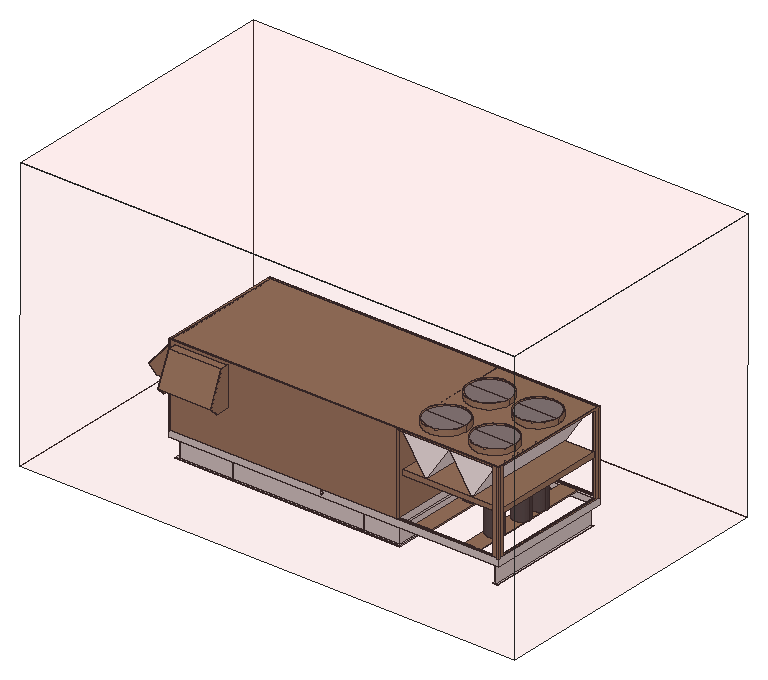
Revit family (continued)
Definition of nested family "Commercial_Comfort_Systems-Series_40-JCI-Unit_Cabinet-End_Return_Bottom_Supply"
  Lines and regions (in)
    model lines, style "Frame Unit", detail levels coarse
      curve 7: line (-119.99969, -46, 64) -> (120.00031, -46, 64)
      curve 8: line (120.00031, 46, 64) -> (120.00031, -46, 64)
      curve 9: line (-119.99969, 46, 64) -> (-119.99969, 46, 0)
      curve 10: line (120.00031, 46, 64) -> (120.00031, 46, 0)
      curve 11: line (-119.99969, -46, 64) -> (-119.99969, -46, 0)
      curve 12: line (120.00031, -46, 64) -> (120.00031, -46, 0)
      curve 13: line (46.18781, -46, 63.5) -> (115.50031, -46, 63.5)
      curve 14: line (46.18781, -46, 63.5) -> (46.18781, -46, 5.125)
      curve 15: line (46.18781, -46, 5.125) -> (115.50031, -46, 5.125)
      curve 16: line (115.50031, -46, 63.5) -> (115.50031, -46, 5.125)
      curve 17: line (46.18781, 46, 63.5) -> (115.50031, 46, 63.5)
      curve 18: line (115.50031, 46, 63.5) -> (115.50031, 46, 5.125)
      curve 19: line (115.50031, 46, 5.125) -> (46.18781, 46, 5.125)
      curve 20: line (46.18781, 46, 5.125) -> (46.18781, 46, 63.5)
      curve 21: line (120.00031, -42, 63.5) -> (120.00031, 42, 63.5)
      curve 22: line (120.00031, -42, 63.5) -> (120.00031, -42, 5.125)
      curve 23: line (120.00031, -42, 5.125) -> (120.00031, 42, 5.125)
      curve 24: line (120.00031, 42, 63.5) -> (120.00031, 42, 5.125)
      curve 25: line (18.18781, 41.5, 0) -> (44.18781, 41.5, 0)
      curve 26: line (18.18781, -30.10938, 0) -> (44.18781, -30.10938, 0)
      curve 27: line (44.18781, 41.5, 0) -> (44.18781, -30.10938, 0)
      curve 28: line (18.18781, -30.10938, 0) -> (18.18781, 41.5, 0)
      curve 29: line (46.18781, 44, 4.625) -> (117.50031, 44, 4.625)
      curve 30: line (117.50031, 44, 4.625) -> (117.50031, -44, 4.625)
      curve 31: line (117.50031, -44, 4.625) -> (46.18781, -44, 4.625)
      curve 32: line (46.18781, -44, 4.625) -> (46.18781, 44, 4.625)
      curve 33: line (-119.99969, 46, 0) -> (120.00031, 46, 0)
      curve 34: line (-119.99969, -46, 0) -> (-119.99969, 46, 0)
      curve 35: line (120.00031, -46, 0) -> (-119.99969, -46, 0)
      curve 36: line (120.00031, 46, 0) -> (120.00031, -46, 0)
      curve 39: line (-119.99969, 38.1875, 31.14844) -> (-119.99969, -38.1875, 31.14844)
      curve 40: line (-119.99969, 38.1875, 6.25) -> (-119.99969, -38.1875, 6.25)
      curve 41: line (-119.99969, 38.1875, 31.14844) -> (-119.99969, 38.1875, 6.25)
      curve 42: line (-119.99969, -38.1875, 31.14844) -> (-119.99969, -38.1875, 6.25)
    symbolic lines, style "Frame Unit", detail levels medium+fine
      curve 37: line (0.00031, -46, 4.625) -> (0.00031, 46, 4.625)
      curve 38: line (-119.99969, 46, 4.625) -> (120.00031, 46, 4.625)
    symbolic lines, style "Frame Unit", detail levels fine
      curve 43: line (46.18781, 0, 35.625) -> (115.50031, 0, 35.625)
      curve 44: line (115.50031, 0, 32) -> (46.18781, 0, 32)
      curve 45: line (120.00031, 42, 35.625) -> (120.00031, -42, 35.625)
      curve 46: line (120.00031, -42, 32) -> (120.00031, 42, 32)
  Dimensions and locks (in)
    "Length": plane 4 "Left of Unit" to plane 5 "Right of Unit"
    equal spacing: plane 7 "Back of Unit", plane 1 "Center (Front/Back)", plane 6 "Front of Unit"
    "Width": plane 7 "Back of Unit" to plane 6 "Front of Unit"
    "Height": plane 8 "Top of Unit" to plane 20 "Base Bottom"
    locked: plane 4 "Left of Unit" to plane 9 "Left Inset" at 1
    locked: plane 10 "Filters and Driers Right" to plane 5 "Right of Unit" at 4.5
    locked: plane 13 "Front Inset" to plane 6 "Front of Unit" at 1
    locked: plane 16 "Back Of Unit Inset" to plane 7 "Back of Unit" at 1
    locked: plane 17 "Inner Cabinette Wall" to plane 5 "Right of Unit" at 1
    equal spacing: plane 8 "Top of Unit", plane 19 "Center (Elevation)", plane 20 "Base Bottom"
    locked: plane 2 "Bottom of Unit" to plane 20 "Base Bottom" at 4.625
    locked: plane 21 "Open Right" to plane 5 "Right of Unit" at 2.5
    locked: plane 24 "Supply Air Back" to plane 7 "Back of Unit" at 4.5
    locked: plane 25 "Supply Air Front" to plane 24 "Supply Air Back" at 71.60938
    locked: plane 26 "Open Back" to plane 7 "Back of Unit" at 2
    locked: plane 27 "Open Front" to plane 6 "Front of Unit" at 2
    locked: plane 23 "Supply Air Left" to plane 22 "Supply Air Right" at 26
    locked: plane 7 "Back of Unit" to plane 30 "Fan Back" at 30.66667
    locked: plane 8 "Top of Unit" to plane 32 "Exhaust Air Bottom" at 30.10156
    locked: plane 34 "Compressor Acces Front" to plane 6 "Front of Unit" at 4
    locked: plane 35 "Compressor Access Back" to plane 7 "Back of Unit" at 4
    locked: plane 22 "Supply Air Right" to plane 5 "Right of Unit" at 75.8125
    locked: plane 36 "Condenser Base" to plane 19 "Center (Elevation)" at 3.625
    locked: plane 12 "Filters and Driers Left" to Extrusion 8 sketch curve at 1
    equal spacing: Extrusion 9 sketch curve, plane 28 "Right Condenser Fans", Extrusion 9 sketch curve
    locked: Extrusion 9 sketch curve to Extrusion 9 sketch curve at 12  (x2)
    locked: plane 4 "Left of Unit" to plane 37 "Rain Hood Left" at 4.5
    locked: plane 37 "Rain Hood Left" to plane 38 "Rain Hood Right" at 38.58984
    locked: plane 39 "Return Air Bottom" to plane 20 "Base Bottom" at 6.25
    locked: plane 18 "Bottom Inset" to plane 2 "Bottom of Unit" at 0.5
    locked: plane 8 "Top of Unit" to plane 11 "Top Inset" at 0.5
    locked: plane 8 "Top of Unit" to plane 40 "Economizer Top" at 2
    locked: plane 44 "Center of Conection Opening" to plane 20 "Base Bottom" at 3.0625
    locked: plane 45 "Electrical Connection L/R" to plane 5 "Right of Unit" at 128.5
    locked: plane 46 "Electrical Connectio F/B" to plane 6 "Front of Unit" at 6.46
    "Front Electric Connection Radius": Extrusion 10 sketch curve to plane 45 "Electrical Connection L/R"
    "Front Electric Connection Radius": plane 44 "Center of Conection Opening" to Extrusion 10 sketch curve
    "Electric Connection Radius": Revolve 11 sketch curve to Revolve 11 sketch curve
    equal spacing: plane 4 "Left of Unit", plane 3 "Center (Left/Right)", plane 5 "Right of Unit"
    equal spacing: plane 37 "Rain Hood Left", plane 31 "Center of Economizer L/R", plane 38 "Rain Hood Right"
    locked: plane 43 "Return Air Top" to plane 39 "Return Air Bottom" at 24.89844
    locked: plane 22 "Supply Air Right" to plane 12 "Filters and Driers Left" at 2
    plane 28 "Right Condenser Fans" to plane 5 "Right of Unit" = 20 15/32"
    locked: plane 30 "Fan Back" to plane 29 "Fan Front" at 39.31
    equal spacing: Extrusion 9 sketch curve, plane 33 "Left Condenser Fans", Extrusion 9 sketch curve
    locked: plane 33 "Left Condenser Fans" to plane 28 "Right Condenser Fans" at 35.42
    locked: plane 15 "Exhaust Air Back" to plane 7 "Back of Unit" at 6.5
    locked: plane 14 "Exhaust Air Front" to plane 6 "Front of Unit" at 6.5
    equal spacing: plane 41 "Return Air Front", plane 1 "Center (Front/Back)", plane 42 "Return Air Back"
    locked: plane 41 "Return Air Front" to plane 42 "Return Air Back" at 76.375
    "Front Electric Connection Radius": radius of Extrusion 10 sketch curve
    aligned and locked: plane 12 "Filters and Driers Left" to Extrusion 1 sketch curve
    aligned and locked: Extrusion 1 sketch curve to plane 10 "Filters and Driers Right"
    aligned and locked: Extrusion 1 sketch curve to plane 11 "Top Inset"
    aligned and locked: Extrusion 1 sketch curve to plane 8 "Top of Unit"
    aligned and locked: Extrusion 1 sketch curve to plane 5 "Right of Unit"
    aligned and locked: plane 2 "Bottom of Unit" to Extrusion 1 sketch curve
    aligned and locked: Extrusion 1 sketch curve to plane 4 "Left of Unit"
    aligned and locked: Extrusion 1 to plane 6 "Front of Unit"
    aligned and locked: plane 13 "Front Inset" to Extrusion 1
    aligned and locked: Extrusion 2 sketch curve to plane 8 "Top of Unit"
    aligned and locked: Extrusion 2 sketch curve to plane 11 "Top Inset"
    aligned and locked: plane 6 "Front of Unit" to Extrusion 2 sketch curve
    aligned and locked: plane 2 "Bottom of Unit" to Extrusion 2 sketch curve
    aligned and locked: plane 7 "Back of Unit" to Extrusion 2 sketch curve
    aligned and locked: plane 5 "Right of Unit" to Extrusion 2
    aligned and locked: Extrusion 2 to plane 17 "Inner Cabinette Wall"
    aligned and locked: Extrusion 3 sketch curve to plane 5 "Right of Unit"
    aligned and locked: Extrusion 3 sketch curve to plane 10 "Filters and Driers Right"
    aligned and locked: Extrusion 3 sketch curve to plane 8 "Top of Unit"
    aligned and locked: Extrusion 3 sketch curve to plane 11 "Top Inset"
    aligned and locked: plane 12 "Filters and Driers Left" to Extrusion 3 sketch curve
    aligned and locked: plane 2 "Bottom of Unit" to Extrusion 3 sketch curve
    aligned and locked: Extrusion 3 sketch curve to plane 4 "Left of Unit"
    aligned and locked: Extrusion 3 to plane 7 "Back of Unit"
    aligned and locked: plane 16 "Back Of Unit Inset" to Extrusion 3
    aligned and locked: Extrusion 4 sketch curve to plane 8 "Top of Unit"
    aligned and locked: plane 14 "Exhaust Air Front" to Extrusion 4 sketch curve
    aligned and locked: plane 15 "Exhaust Air Back" to Extrusion 4 sketch curve
    aligned and locked: plane 7 "Back of Unit" to Extrusion 4 sketch curve
    aligned and locked: plane 6 "Front of Unit" to Extrusion 4 sketch curve
    aligned and locked: plane 2 "Bottom of Unit" to Extrusion 4 sketch curve
    aligned and locked: plane 4 "Left of Unit" to Extrusion 4
    aligned and locked: Extrusion 4 to plane 9 "Left Inset"
    aligned and locked: plane 16 "Back Of Unit Inset" to Extrusion 5 sketch curve
    aligned and locked: Extrusion 5 sketch curve to plane 17 "Inner Cabinette Wall"
    aligned and locked: Extrusion 5 sketch curve to plane 9 "Left Inset"
    aligned and locked: plane 13 "Front Inset" to Extrusion 5 sketch curve
    aligned and locked: plane 8 "Top of Unit" to Extrusion 5
    aligned and locked: plane 20 "Base Bottom" to level
    aligned and locked: plane 24 "Supply Air Back" to Extrusion 6 sketch curve
    aligned and locked: Extrusion 6 sketch curve to plane 23 "Supply Air Left"
    aligned and locked: Extrusion 6 sketch curve to plane 22 "Supply Air Right"
    aligned and locked: Extrusion 6 sketch curve to plane 25 "Supply Air Front"
    aligned and locked: Extrusion 6 sketch curve to plane 21 "Open Right"
    aligned and locked: plane 12 "Filters and Driers Left" to Extrusion 6 sketch curve
    aligned and locked: plane 7 "Back of Unit" to Extrusion 6 sketch curve
    aligned and locked: Extrusion 6 sketch curve to plane 5 "Right of Unit"
    aligned and locked: plane 6 "Front of Unit" to Extrusion 6 sketch curve
    aligned and locked: Extrusion 6 sketch curve to plane 4 "Left of Unit"
    aligned and locked: Extrusion 6 to plane 20 "Base Bottom"
    aligned and locked: plane 2 "Bottom of Unit" to Extrusion 6
    aligned and locked: plane 26 "Open Back" to Extrusion 6 sketch curve
    aligned and locked: plane 27 "Open Front" to Extrusion 6 sketch curve
    aligned and locked: plane 7 "Back of Unit" to Masking region 1 sketch curve
    aligned and locked: Masking region 1 sketch curve to plane 4 "Left of Unit"
    aligned and locked: Masking region 1 sketch curve to plane 5 "Right of Unit"
    aligned and locked: plane 6 "Front of Unit" to Masking region 1 sketch curve
    aligned and locked: plane 7 "Back of Unit" to curve 2
    aligned and locked: plane 6 "Front of Unit" to curve 2
    aligned and locked: curve 2 to plane 5 "Right of Unit"
    aligned and locked: plane 6 "Front of Unit" to curve 4
    aligned and locked: plane 4 "Left of Unit" to curve 3
    aligned and locked: plane 5 "Right of Unit" to curve 3
    aligned and locked: plane 5 "Right of Unit" to curve 1
    aligned and locked: plane 7 "Back of Unit" to curve 4
    aligned and locked: plane 4 "Left of Unit" to curve 6
    aligned and locked: plane 4 "Left of Unit" to curve 7
    aligned and locked: plane 5 "Right of Unit" to curve 7
    aligned and locked: curve 7 to plane 6 "Front of Unit"
    aligned and locked: plane 6 "Front of Unit" to curve 8
    aligned and locked: plane 4 "Left of Unit" to curve 5
    aligned and locked: plane 5 "Right of Unit" to curve 5
    aligned and locked: plane 7 "Back of Unit" to curve 8
    aligned and locked: plane 6 "Front of Unit" to curve 6
    aligned and locked: plane 8 "Top of Unit" to curve 9
    aligned and locked: plane 20 "Base Bottom" to curve 9
    aligned and locked: plane 20 "Base Bottom" to curve 11
    aligned and locked: plane 8 "Top of Unit" to curve 11
    aligned and locked: plane 4 "Left of Unit" to curve 9
    aligned and locked: plane 4 "Left of Unit" to curve 11
    aligned and locked: plane 20 "Base Bottom" to curve 10
    aligned and locked: plane 20 "Base Bottom" to curve 12
    aligned and locked: plane 8 "Top of Unit" to curve 10
    aligned and locked: plane 8 "Top of Unit" to curve 12
    aligned and locked: curve 10 to plane 5 "Right of Unit"
    aligned and locked: curve 12 to plane 5 "Right of Unit"
    aligned and locked: plane 11 "Top Inset" to curve 16
    aligned and locked: plane 10 "Filters and Driers Right" to curve 13
    aligned and locked: plane 10 "Filters and Driers Right" to curve 15
    aligned and locked: plane 11 "Top Inset" to curve 14
    aligned and locked: plane 12 "Filters and Driers Left" to curve 15
    aligned and locked: plane 12 "Filters and Driers Left" to curve 13
    aligned and locked: curve 15 to curve 16
    aligned and locked: plane 12 "Filters and Driers Left" to curve 17
    aligned and locked: plane 11 "Top Inset" to curve 18
    aligned and locked: curve 17 to plane 11 "Top Inset"
    aligned and locked: plane 10 "Filters and Driers Right" to curve 19
    aligned and locked: plane 12 "Filters and Driers Left" to curve 19
    aligned and locked: plane 11 "Top Inset" to curve 20
    aligned and locked: plane 10 "Filters and Driers Right" to curve 17
    aligned and locked: plane 11 "Top Inset" to curve 22
    aligned and locked: plane 11 "Top Inset" to curve 24
    aligned and locked: plane 26 "Open Back" to curve 30
    aligned and locked: plane 26 "Open Back" to curve 29
    aligned and locked: plane 21 "Open Right" to curve 31
    aligned and locked: plane 12 "Filters and Driers Left" to curve 31
    aligned and locked: plane 27 "Open Front" to curve 31
    aligned and locked: plane 27 "Open Front" to curve 32
    aligned and locked: plane 27 "Open Front" to curve 30
    aligned and locked: plane 21 "Open Right" to curve 29
    aligned and locked: plane 26 "Open Back" to curve 32
    aligned and locked: curve 32 to curve 29
    aligned and locked: plane 22 "Supply Air Right" to curve 25
    aligned and locked: plane 24 "Supply Air Back" to curve 28
    aligned and locked: plane 7 "Back of Unit" to curve 36
    aligned and locked: plane 5 "Right of Unit" to curve 35
    aligned and locked: curve 36 to plane 5 "Right of Unit"
    aligned and locked: plane 6 "Front of Unit" to curve 35
    aligned and locked: plane 6 "Front of Unit" to curve 34
    aligned and locked: plane 7 "Back of Unit" to curve 34
    aligned and locked: curve 34 to plane 4 "Left of Unit"
    aligned and locked: plane 4 "Left of Unit" to curve 33
    aligned and locked: plane 8 "Top of Unit" to Masking region 2 sketch curve
    aligned and locked: plane 5 "Right of Unit" to Masking region 2 sketch curve
    aligned and locked: plane 4 "Left of Unit" to Masking region 2 sketch curve
    aligned and locked: plane 7 "Back of Unit" to curve 37
    aligned and locked: plane 6 "Front of Unit" to curve 37
    aligned and locked: curve 37 to plane 2 "Bottom of Unit"
    aligned and locked: Masking region 2 sketch curve to plane 20 "Base Bottom"
    aligned and locked: plane 5 "Right of Unit" to curve 38
    aligned and locked: plane 4 "Left of Unit" to curve 38
    aligned and locked: curve 38 to plane 2 "Bottom of Unit"
    aligned and locked: plane 18 "Bottom Inset" to Extrusion 3
    aligned and locked: plane 18 "Bottom Inset" to curve 19
    aligned and locked: plane 18 "Bottom Inset" to Extrusion 2
    aligned and locked: curve 23 to plane 18 "Bottom Inset"
    aligned and locked: plane 35 "Compressor Access Back" to Extrusion 2 sketch curve
    aligned and locked: plane 34 "Compressor Acces Front" to Extrusion 2 sketch curve
    aligned and locked: plane 35 "Compressor Access Back" to curve 24
    aligned and locked: curve 22 to plane 34 "Compressor Acces Front"
    aligned and locked: plane 32 "Exhaust Air Bottom" to Extrusion 1 sketch curve
    aligned and locked: plane 32 "Exhaust Air Bottom" to Extrusion 3 sketch curve
    aligned and locked: plane 32 "Exhaust Air Bottom" to Extrusion 4 sketch curve
    aligned and locked: plane 12 "Filters and Driers Left" to Extrusion 7 sketch curve
    aligned and locked: plane 19 "Center (Elevation)" to Extrusion 7 sketch curve
    aligned and locked: Extrusion 7 sketch curve to plane 36 "Condenser Base"
    aligned and locked: Extrusion 8 sketch curve to plane 12 "Filters and Driers Left"
    aligned and locked: Extrusion 8 sketch curve to plane 11 "Top Inset"
    aligned and locked: plane 18 "Bottom Inset" to Extrusion 8 sketch curve
    aligned and locked: Extrusion 8 to plane 16 "Back Of Unit Inset"
    aligned and locked: Extrusion 8 to plane 13 "Front Inset"
    aligned and locked: plane 27 "Open Front" to Extrusion 9 sketch curve  (x2)
    aligned and locked: plane 26 "Open Back" to Extrusion 9 sketch curve  (x2)
    aligned and locked: Extrusion 9 to plane 2 "Bottom of Unit"
    aligned and locked: plane 18 "Bottom Inset" to Extrusion 9
    aligned and locked: plane 2 "Bottom of Unit" to Masking region 2 sketch curve
    aligned and locked: plane 12 "Filters and Driers Left" to Masking region 2 sketch curve
    aligned and locked: plane 35 "Compressor Access Back" to curve 21
    aligned and locked: plane 35 "Compressor Access Back" to curve 23
    aligned and locked: plane 34 "Compressor Acces Front" to curve 21
    aligned and locked: plane 34 "Compressor Acces Front" to curve 23
    aligned and locked: plane 18 "Bottom Inset" to curve 24
    aligned and locked: plane 18 "Bottom Inset" to curve 22
    aligned and locked: curve 15 to curve 19
    aligned and locked: curve 13 to curve 17
    aligned and locked: plane 18 "Bottom Inset" to curve 14
    aligned and locked: plane 4 "Left of Unit" to curve 35
    aligned and locked: plane 5 "Right of Unit" to curve 33
    aligned and locked: plane 6 "Front of Unit" to curve 36
    aligned and locked: curve 30 to curve 31
    aligned and locked: plane 7 "Back of Unit" to curve 6
    aligned and locked: plane 34 "Compressor Acces Front" to Masking region 3 sketch curve
    aligned and locked: plane 18 "Bottom Inset" to Masking region 3 sketch curve
    aligned and locked: plane 35 "Compressor Access Back" to Masking region 3 sketch curve
    aligned and locked: Extrusion 1 sketch curve to plane 40 "Economizer Top"
    aligned and locked: Extrusion 3 sketch curve to plane 40 "Economizer Top"
    aligned and locked: Extrusion 5 to plane 11 "Top Inset"
    aligned and locked: plane 40 "Economizer Top" to Extrusion 4 sketch curve
    aligned and locked: Masking region 4 sketch curve to plane 8 "Top of Unit"
    aligned and locked: plane 7 "Back of Unit" to Masking region 4 sketch curve
    aligned and locked: plane 6 "Front of Unit" to Masking region 4 sketch curve
    aligned and locked: plane 20 "Base Bottom" to Masking region 4 sketch curve
    aligned and locked: Extrusion 4 sketch curve to plane 43 "Return Air Top"
    aligned and locked: Extrusion 4 sketch curve to plane 41 "Return Air Front"
    aligned and locked: plane 39 "Return Air Bottom" to Extrusion 4 sketch curve
    aligned and locked: Extrusion 4 sketch curve to plane 42 "Return Air Back"
    aligned and locked: plane 20 "Base Bottom" to Masking region 5 sketch curve
    aligned and locked: Masking region 5 sketch curve to plane 4 "Left of Unit"
    aligned and locked: Masking region 5 sketch curve to plane 5 "Right of Unit"
    aligned and locked: Masking region 5 sketch curve to plane 8 "Top of Unit"
    aligned and locked: Extrusion 10 to plane 6 "Front of Unit"
    aligned and locked: Revolve 11 sketch curve to plane 45 "Electrical Connection L/R"
    aligned and locked: Revolve 11 sketch curve to Revolve 11 sketch curve
    aligned and locked: plane 20 "Base Bottom" to Revolve 11 sketch curve
    aligned and locked: Revolve 11 sketch curve to plane 18 "Bottom Inset"
    aligned and locked: plane 11 "Top Inset" to Masking region 2 sketch curve
    aligned and locked: Masking region 6 to plane 11 "Top Inset"
    aligned and locked: plane 8 "Top of Unit" to Masking region 6
    aligned and locked: Masking region 6 to plane 10 "Filters and Driers Right"
    aligned and locked: plane 12 "Filters and Driers Left" to Masking region 6
    aligned and locked: plane 18 "Bottom Inset" to Masking region 6
    aligned and locked: plane 5 "Right of Unit" to Masking region 6 sketch curve
    aligned and locked: Masking region 6 sketch curve to plane 20 "Base Bottom"
    aligned and locked: plane 4 "Left of Unit" to Masking region 6 sketch curve
    aligned and locked: Extrusion 7 to plane 34 "Compressor Acces Front"
    aligned and locked: Extrusion 7 to plane 35 "Compressor Access Back"
    aligned and locked: Masking region 3 sketch curve to plane 11 "Top Inset"
    aligned and locked: Extrusion 1 sketch curve to plane 37 "Rain Hood Left"
    aligned and locked: plane 38 "Rain Hood Right" to Extrusion 1 sketch curve
    aligned and locked: plane 38 "Rain Hood Right" to Extrusion 3 sketch curve
    aligned and locked: Extrusion 3 sketch curve to plane 37 "Rain Hood Left"
    aligned and locked: plane 43 "Return Air Top" to curve 42
    aligned and locked: plane 39 "Return Air Bottom" to curve 42
    aligned and locked: plane 41 "Return Air Front" to curve 39
    aligned and locked: plane 41 "Return Air Front" to curve 40
    aligned and locked: plane 42 "Return Air Back" to curve 39
    aligned and locked: curve 40 to plane 39 "Return Air Bottom"
    aligned and locked: curve 39 to plane 43 "Return Air Top"
    aligned and locked: plane 39 "Return Air Bottom" to curve 41
    aligned and locked: plane 43 "Return Air Top" to curve 41
    aligned and locked: curve 41 to curve 40
    aligned and locked: plane 22 "Supply Air Right" to curve 26
    aligned and locked: plane 25 "Supply Air Front" to curve 27
    aligned and locked: plane 25 "Supply Air Front" to curve 28
    aligned and locked: plane 23 "Supply Air Left" to curve 26
    aligned and locked: plane 24 "Supply Air Back" to curve 27
    aligned and locked: plane 23 "Supply Air Left" to curve 25
    aligned and locked: plane 12 "Filters and Driers Left" to Extrusion 12 sketch curve  (x2)
    aligned and locked: Extrusion 12 sketch curve to plane 10 "Filters and Driers Right"  (x2)
    aligned and locked: Extrusion 12 sketch curve to plane 13 "Front Inset"
    aligned and locked: plane 6 "Front of Unit" to Extrusion 12 sketch curve
    aligned and locked: plane 34 "Compressor Acces Front" to Extrusion 12 sketch curve
    aligned and locked: plane 17 "Inner Cabinette Wall" to Extrusion 12 sketch curve
    aligned and locked: Extrusion 12 sketch curve to plane 5 "Right of Unit"
    aligned and locked: plane 35 "Compressor Access Back" to Extrusion 12 sketch curve
    aligned and locked: plane 7 "Back of Unit" to Extrusion 12 sketch curve
    aligned and locked: Extrusion 12 sketch curve to plane 16 "Back Of Unit Inset"
    aligned and locked: Extrusion 12 to plane 18 "Bottom Inset"
    aligned and locked: plane 11 "Top Inset" to Extrusion 12
    aligned and locked: Extrusion 7 sketch curve to plane 17 "Inner Cabinette Wall"
    aligned and locked: plane 6 "Front of Unit" to Masking region 3 sketch curve
    aligned and locked: Masking region 3 sketch curve to plane 8 "Top of Unit"
    aligned and locked: plane 7 "Back of Unit" to Masking region 3 sketch curve
    aligned and locked: plane 20 "Base Bottom" to Masking region 3 sketch curve
    aligned and locked: Masking region 7 sketch curve to plane 8 "Top of Unit"
    aligned and locked: plane 6 "Front of Unit" to Masking region 7 sketch curve
    aligned and locked: Masking region 7 sketch curve to plane 40 "Economizer Top"
    aligned and locked: plane 14 "Exhaust Air Front" to Masking region 7 sketch curve
    aligned and locked: plane 15 "Exhaust Air Back" to Masking region 7 sketch curve
    aligned and locked: plane 7 "Back of Unit" to Masking region 7 sketch curve
    aligned and locked: plane 32 "Exhaust Air Bottom" to Masking region 7 sketch curve
    aligned and locked: plane 20 "Base Bottom" to Masking region 7 sketch curve
    aligned and locked: plane 12 "Filters and Driers Left" to curve 43
    aligned and locked: plane 12 "Filters and Driers Left" to curve 44
    aligned and locked: plane 10 "Filters and Driers Right" to curve 44
    aligned and locked: plane 10 "Filters and Driers Right" to curve 43
    aligned and locked: plane 19 "Center (Elevation)" to curve 44
    aligned and locked: curve 43 to plane 36 "Condenser Base"
    aligned and locked: plane 35 "Compressor Access Back" to curve 46
    aligned and locked: plane 34 "Compressor Acces Front" to curve 45
    aligned and locked: plane 19 "Center (Elevation)" to curve 46
    aligned and locked: curve 45 to plane 36 "Condenser Base"
    aligned and locked: Masking region 8 sketch curve to plane 43 "Return Air Top"
    aligned and locked: Masking region 8 sketch curve to plane 42 "Return Air Back"
    aligned and locked: Masking region 8 sketch curve to plane 41 "Return Air Front"
    aligned and locked: plane 39 "Return Air Bottom" to Masking region 8 sketch curve
  Automatic sketch dimensions
    Extrusion 1 sketch curve to plane 18 "Bottom Inset" = 0"
    Extrusion 2 sketch curve to plane 18 "Bottom Inset" = 0"
    Extrusion 3 sketch curve to plane 18 "Bottom Inset" = 0"
    curve 5 to plane 7 "Back of Unit" = 0"
    curve 14 to plane 12 "Filters and Driers Left" = 0"
    Masking region 2 sketch curve to plane 10 "Filters and Driers Right" = 0"
    Revolve 11 sketch curve to level = 241.30534"
    plane 8 "Top of Unit" to Revolve 11 sketch curve = 282.03032"
    Masking region 6 sketch curve to plane 10 "Filters and Driers Right" = 0"
    Masking region 6 sketch curve to plane 11 "Top Inset" = 0"
    Masking region 6 sketch curve to plane 12 "Filters and Driers Left" = 0"
    Masking region 6 sketch curve to plane 18 "Bottom Inset" = 0"
    Masking region 6 sketch curve to plane 8 "Top of Unit" = 0"
Definition of nested family "Include Clearance"
  Parameters (values of type "Include Clearance")
    Width = 36"
    Height = 36"
    Depth = 36"
    Clearance Top = 6"
    Clearance Right = 6"
    Clearance Material = Clearance
    Clearance Left = 6"
    Clearance Front = 6"
    Clearance Bottom = 6"
    Clearance Back = 6"
    Assembly Code = ""
  Reference planes (in)
    plane 1 "Center (Front/Back)": y = 0
    plane 2 "Bottom": z = 0
    plane 3 "Center (Left/Right)": x = 0
    plane 4 "Clearance Front": y = -24
    plane 5 "Top": z = 36
    plane 6 "Back": y = 18
    plane 7 "Left": x = -18
    plane 8 "Front": y = -18
    plane 9 "Right": x = 18
    plane 10 "Clearance Back": y = 24
    plane 11 "Clearance Left": x = -24
    plane 12 "Clearance Right": x = 24
    plane 13 "Clearance Top": z = 42
    plane 14 "Clearance Bottom": z = -6
  Forms (in)
    Extrusion 1, solid, material "Clearance" <- "Clearance Material"
      sketch origin (0, 0, 36) x (-1, 0, 0) y (0, -1, 0)
        loop
          line (24, -24) -> (24, 24) -> (-24, 24) -> (-24, -24) -> (24, -24)
      from -42 to 6
  Lines and regions (in)
    symbolic lines, style "Clearance"
      curve 1: line (-24, 24, 36) -> (24, 24, 36)
      curve 2: line (-24, -24, 36) -> (-24, 24, 36)
      curve 3: line (24, -24, 36) -> (-24, -24, 36)
      curve 4: line (24, 24, 36) -> (24, -24, 36)
      curve 5: line (-24, 0, 42) -> (24, 0, 42)
      curve 6: line (-24, 0, -6) -> (-24, 0, 42)
      curve 7: line (24, 0, -6) -> (-24, 0, -6)
      curve 8: line (24, 0, 42) -> (24, 0, -6)
      curve 9: line (0, -24, 42) -> (0, 24, 42)
      curve 10: line (0, -24, -6) -> (0, -24, 42)
      curve 11: line (0, 24, -6) -> (0, -24, -6)
      curve 12: line (0, 24, 42) -> (0, 24, -6)
  Dimensions and locks (in)
    "Height": plane 5 "Top" to plane 2 "Bottom"
    "Depth": plane 6 "Back" to plane 8 "Front"
    "Width": plane 7 "Left" to plane 9 "Right"
    equal spacing: plane 7 "Left", plane 3 "Center (Left/Right)", plane 9 "Right"
    equal spacing: plane 6 "Back", plane 1 "Center (Front/Back)", plane 8 "Front"
    "Clearance Bottom": plane 2 "Bottom" to plane 14 "Clearance Bottom"
    "Clearance Top": plane 13 "Clearance Top" to plane 5 "Top"
    "Clearance Left": plane 11 "Clearance Left" to plane 7 "Left"
    "Clearance Right": plane 9 "Right" to plane 12 "Clearance Right"
    "Clearance Back": plane 10 "Clearance Back" to plane 6 "Back"
    "Clearance Front": plane 4 "Clearance Front" to plane 8 "Front"
    aligned and locked: level to plane 2 "Bottom"
    aligned and locked: Extrusion 1 sketch curve to plane 10 "Clearance Back"
    aligned and locked: Extrusion 1 sketch curve to plane 11 "Clearance Left"
    aligned and locked: Extrusion 1 sketch curve to plane 12 "Clearance Right"
    aligned and locked: Extrusion 1 sketch curve to plane 4 "Clearance Front"
    aligned and locked: plane 14 "Clearance Bottom" to Extrusion 1
    aligned and locked: plane 13 "Clearance Top" to Extrusion 1
    aligned and locked: curve 1 to plane 10 "Clearance Back"
    aligned and locked: curve 2 to plane 11 "Clearance Left"
    aligned and locked: curve 4 to plane 12 "Clearance Right"
    aligned and locked: curve 3 to plane 4 "Clearance Front"
    aligned and locked: curve 5 to plane 13 "Clearance Top"
    aligned and locked: curve 6 to plane 11 "Clearance Left"
    aligned and locked: curve 7 to plane 14 "Clearance Bottom"
    aligned and locked: curve 8 to plane 12 "Clearance Right"
    aligned and locked: curve 9 to plane 13 "Clearance Top"
    aligned and locked: curve 11 to plane 14 "Clearance Bottom"
    aligned and locked: curve 12 to plane 10 "Clearance Back"
    aligned and locked: curve 10 to plane 4 "Clearance Front"
Definition of nested family "Commercial_Comfort_Systems-Series_40-JCI-Economizer_Hood"
  Parameters (values of type "Economizer")
    Width = 38 151/256"
    Material = Paint - JCI - Powder Coated - Brown
    Height = 28 3/32"  # constant formula
    Economizer Hood [instance] = no
    Depth = 15 119/128"  # constant formula
    Cap [instance] = not(Economizer Hood)  # yes
    Assembly Code = ""
  Reference planes (in)
    plane 1 "Back": y = 0
    plane 2 "Bottom": z = 0
    plane 3 "Center (Left/Right)": x = 0
    plane 4 "Front": y = -15.92969
    plane 5 "Top": z = 28.09375
    plane 6 "Center F/B": y = -9.99969
    plane 7 "Back Inset": y = -5.99219
    plane 8 "Bottom Inset": z = 6
    plane 9 "Right": x = 19.29492
    plane 10 "Left": x = -19.29492
    plane 11 "Left Inset": x = -19.16992
    plane 12 "Right Inset": x = 19.16992
    plane 13 "Top Inset": z = 27.90625
    plane 14 "Front Inset": y = -15.67969
    plane 15 "Center (Elevation)": z = 14.04687
    plane 16 "Cap Back": y = 1
  Forms (in)
    Extrusion 1, solid, material "Paint - JCI - Powder Coated - Brown" <- "Material", visible <- "Economizer Hood", detail levels fine
      sketch origin (0, 0, 0) x (0, 1, 0) y (0, 0, 1)
        loop
          line (-5.99219, 28.09375) -> (-15.92969, 6) -> (-9.99969, 0) -> (0, 0) -> (0, 28.09375) -> (-5.99219, 28.09375)
      from 19.16992 to 19.29492
    Extrusion 2, solid, material "Paint - JCI - Powder Coated - Brown" <- "Material", visible <- "Economizer Hood", detail levels fine
      sketch origin (0, 0, 0) x (0, 1, 0) y (0, 0, 1)
        loop
          line (0, 28.09375) -> (-5.99219, 28.09375) -> (-15.92969, 6) -> (-9.99969, 0) -> (0, 0) -> (0, 28.09375)
      from -19.29492 to -19.16992
    Extrusion 3, solid, material "Paint - JCI - Powder Coated - Brown" <- "Material", visible <- "Economizer Hood", detail levels fine
      sketch origin (0, 0, 0) x (0, 1, 0) y (0, 0, 1)
        loop
          line (-5.99219, 28.09375) -> (-15.92969, 6) -> (-15.67969, 6) -> (-5.99219, 27.90625) -> (0, 27.90625) -> (0, 28.09375) -> (-5.99219, 28.09375)
      from -19.16992 to 19.16992
    Extrusion 4, solid, material "Paint - JCI - Powder Coated - Brown" <- "Material", visible <- "Cap", detail levels fine
      sketch origin (0, 0, 0) x (1, 0, 0) y (0, 1, 0)
        loop
          line (-19.29492, 1) -> (-19.29492, 0) -> (19.29492, 0) -> (19.29492, 1) -> (-19.29492, 1)
      from 0 to 28.09375
  Lines and regions (in)
    Masking region 1, detail levels medium+fine
      outline origin (0, 0, 0) x (0, 1, 0) y (0, 0, 1)
        loop
          line (-5.99219, 28.09375) -> (-15.92969, 6) -> (-9.99969, 0) -> (0, 0) -> (0, 28.09375) -> (-5.99219, 28.09375)
    Masking region 2, detail levels medium+fine
      outline origin (0, -9.99969, 0) x (0, 0, -1) y (1, 0, 0)
        loop
          line (-28.09375, -19.29492) -> (0, -19.29492) -> (0, 19.29492) -> (-28.09375, 19.29492) -> (-28.09375, -19.29492)
    Masking region 3, detail levels fine
      outline origin (0, 0, 0) x (1, 0, 0) y (0, 1, 0)
        loop
          line (-19.29492, 0) -> (-19.29492, -15.92969) -> (19.29492, -15.92969) -> (19.29492, 0) -> (-19.29492, 0)
    symbolic lines, style "Rain Hood", detail levels fine
      curve 1: line (-19.29492, 0, 6) -> (19.29492, 0, 6)
    model lines, style "Rain Hood", visible <- "Economizer Hood", detail levels medium
      curve 2: line (19.29492, -5.99219, 28.09375) -> (19.29492, 0, 28.09375)
      curve 3: line (19.29492, 0, 28.09375) -> (19.29492, 0, 0)
      curve 4: line (19.29492, -5.99219, 28.09375) -> (19.29492, -15.92969, 6)
      curve 5: line (19.29492, -9.99969, 0) -> (19.29492, 0, 0)
      curve 6: line (-19.29492, -5.99219, 28.09375) -> (-19.29492, -15.92969, 6)
      curve 7: line (-19.29492, -5.99219, 28.09375) -> (-19.29492, 0, 28.09375)
      curve 8: line (-19.29492, 0, 28.09375) -> (-19.29492, 0, 0)
      curve 9: line (-19.29492, -9.99969, 0) -> (-19.29492, 0, 0)
      curve 10: line (19.29492, -9.99969, 0) -> (19.29492, -15.92969, 6)
      curve 11: line (-19.29492, -9.99969, 0) -> (-19.29492, -15.92969, 6)
      curve 12: line (-19.29492, 0, 28.09375) -> (19.29492, 0, 28.09375)
      curve 13: line (-19.29492, -5.99219, 28.09375) -> (19.29492, -5.99219, 28.09375)
      curve 14: line (-19.29492, 0, 0) -> (19.29492, 0, 0)
      curve 15: line (-19.29492, -15.92969, 6) -> (19.29492, -15.92969, 6)
    model lines, visible <- "Cap", detail levels medium
      curve 16: line (-19.29492, 0, 28.09375) -> (-19.29492, 1, 28.09375)
      curve 17: line (19.29492, 0, 28.09375) -> (19.29492, 1, 28.09375)
      curve 18: line (-19.29492, 1, 28.09375) -> (19.29492, 1, 28.09375)
      curve 19: line (19.29492, 1, 28.09375) -> (19.29492, 1, 0)
      curve 20: line (19.29492, 1, 0) -> (-19.29492, 1, 0)
      curve 21: line (-19.29492, 1, 28.09375) -> (-19.29492, 1, 0)
      curve 22: line (-19.29492, 1, 0) -> (-19.29492, 0, 0)
      curve 23: line (19.29492, 1, 0) -> (19.29492, 0, 0)
  Dimensions and locks (in)
    "Depth": plane 4 "Front" to plane 1 "Back"
    "Height": plane 5 "Top" to plane 2 "Bottom"
    locked: plane 4 "Front" to plane 7 "Back Inset" at 9.9375
    locked: plane 4 "Front" to plane 6 "Center F/B" at 5.93
    locked: plane 8 "Bottom Inset" to plane 2 "Bottom" at 6
    locked: plane 12 "Right Inset" to plane 9 "Right" at 0.125
    locked: plane 11 "Left Inset" to plane 10 "Left" at 0.125
    "Width": plane 9 "Right" to plane 10 "Left"
    equal spacing: plane 9 "Right", plane 3 "Center (Left/Right)", plane 10 "Left"
    locked: plane 5 "Top" to plane 13 "Top Inset" at 0.1875
    locked: plane 4 "Front" to plane 14 "Front Inset" at 0.25
    equal spacing: plane 5 "Top", plane 15 "Center (Elevation)", plane 2 "Bottom"
    locked: plane 1 "Back" to plane 16 "Cap Back" at 1
    aligned and locked: level to plane 2 "Bottom"
    aligned and locked: plane 4 "Front" to Extrusion 1 sketch curve
    aligned and locked: plane 8 "Bottom Inset" to Extrusion 1 sketch curve
    aligned and locked: plane 6 "Center F/B" to Extrusion 1 sketch curve
    aligned and locked: Extrusion 1 sketch curve to plane 2 "Bottom"
    aligned and locked: Extrusion 1 sketch curve to plane 1 "Back"
    aligned and locked: plane 5 "Top" to Extrusion 1 sketch curve  (x2)
    aligned and locked: plane 7 "Back Inset" to Extrusion 1 sketch curve
    aligned and locked: Extrusion 1 to plane 9 "Right"
    aligned and locked: plane 12 "Right Inset" to Extrusion 1
    aligned and locked: plane 2 "Bottom" to Extrusion 2 sketch curve
    aligned and locked: plane 6 "Center F/B" to Extrusion 2 sketch curve
    aligned and locked: plane 8 "Bottom Inset" to Extrusion 2 sketch curve
    aligned and locked: plane 5 "Top" to Extrusion 2 sketch curve
    aligned and locked: plane 4 "Front" to Extrusion 2 sketch curve
    aligned and locked: plane 7 "Back Inset" to Extrusion 2 sketch curve
    aligned and locked: Extrusion 2 sketch curve to plane 5 "Top"
    aligned and locked: Extrusion 2 sketch curve to plane 1 "Back"
    aligned and locked: Extrusion 2 sketch curve to plane 2 "Bottom"
    aligned and locked: plane 11 "Left Inset" to Extrusion 2
    aligned and locked: Extrusion 2 to plane 10 "Left"
    aligned and locked: plane 8 "Bottom Inset" to Extrusion 3 sketch curve
    aligned and locked: plane 13 "Top Inset" to Extrusion 3 sketch curve  (x2)
    aligned and locked: plane 4 "Front" to Extrusion 3 sketch curve
    aligned and locked: plane 14 "Front Inset" to Extrusion 3 sketch curve
    aligned and locked: Extrusion 3 sketch curve to plane 8 "Bottom Inset"
    aligned and locked: plane 7 "Back Inset" to Extrusion 3 sketch curve  (x2)
    aligned and locked: plane 1 "Back" to Extrusion 3 sketch curve
    aligned and locked: Extrusion 3 sketch curve to plane 5 "Top"
    aligned and locked: Extrusion 3 to plane 12 "Right Inset"
    aligned and locked: Extrusion 3 to plane 11 "Left Inset"
    aligned and locked: plane 8 "Bottom Inset" to Masking region 1 sketch curve
    aligned and locked: plane 4 "Front" to Masking region 1 sketch curve
    aligned and locked: plane 5 "Top" to Masking region 1 sketch curve
    aligned and locked: plane 6 "Center F/B" to Masking region 1 sketch curve
    aligned and locked: plane 7 "Back Inset" to Masking region 1 sketch curve
    aligned and locked: plane 2 "Bottom" to Masking region 1 sketch curve
    aligned and locked: plane 1 "Back" to Masking region 1 sketch curve
    aligned and locked: Masking region 2 sketch curve to plane 5 "Top"
    aligned and locked: plane 10 "Left" to Masking region 2 sketch curve
    aligned and locked: plane 2 "Bottom" to Masking region 2 sketch curve
    aligned and locked: plane 9 "Right" to Masking region 2 sketch curve
    aligned and locked: curve 1 to plane 8 "Bottom Inset"
    aligned and locked: plane 10 "Left" to curve 1
    aligned and locked: plane 9 "Right" to curve 1
    aligned and locked: Masking region 3 sketch curve to plane 4 "Front"
    aligned and locked: plane 9 "Right" to Masking region 3 sketch curve
    aligned and locked: plane 1 "Back" to Masking region 3 sketch curve
    aligned and locked: plane 10 "Left" to Masking region 3 sketch curve
    aligned and locked: curve 2 to plane 5 "Top"
    aligned and locked: curve 7 to plane 5 "Top"
    aligned and locked: plane 5 "Top" to curve 3
    aligned and locked: plane 5 "Top" to curve 8
    aligned and locked: plane 2 "Bottom" to curve 3
    aligned and locked: plane 2 "Bottom" to curve 8
    aligned and locked: plane 1 "Back" to curve 3
    aligned and locked: plane 1 "Back" to curve 8
    aligned and locked: plane 1 "Back" to curve 9
    aligned and locked: plane 1 "Back" to curve 5
    aligned and locked: plane 6 "Center F/B" to curve 9
    aligned and locked: curve 5 to plane 2 "Bottom"
    aligned and locked: plane 7 "Back Inset" to curve 4
    aligned and locked: plane 8 "Bottom Inset" to curve 4
    aligned and locked: plane 4 "Front" to curve 6
    aligned and locked: plane 4 "Front" to curve 10
    aligned and locked: plane 6 "Center F/B" to curve 10
    aligned and locked: plane 8 "Bottom Inset" to curve 11
    aligned and locked: plane 2 "Bottom" to curve 11
    aligned and locked: plane 7 "Back Inset" to curve 7
    aligned and locked: plane 6 "Center F/B" to curve 5
    aligned and locked: plane 7 "Back Inset" to curve 2
    aligned and locked: plane 1 "Back" to curve 2
    aligned and locked: plane 1 "Back" to curve 7
    aligned and locked: plane 9 "Right" to curve 12
    aligned and locked: plane 9 "Right" to curve 13
    aligned and locked: plane 10 "Left" to curve 12
    aligned and locked: plane 10 "Left" to curve 13
    aligned and locked: curve 12 to plane 5 "Top"
    aligned and locked: curve 13 to plane 5 "Top"
    aligned and locked: plane 9 "Right" to curve 14
    aligned and locked: plane 9 "Right" to curve 15
    aligned and locked: plane 10 "Left" to curve 14
    aligned and locked: plane 10 "Left" to curve 15
    aligned and locked: curve 14 to plane 2 "Bottom"
    aligned and locked: curve 15 to plane 8 "Bottom Inset"
    aligned and locked: plane 5 "Top" to Extrusion 1
    aligned and locked: Extrusion 3 to plane 13 "Top Inset"  (x5)
    aligned and locked: plane 5 "Top" to Extrusion 3
    aligned and locked: plane 5 "Top" to Extrusion 2
    aligned and locked: plane 5 "Top" to Masking region 1
    aligned and locked: plane 10 "Left" to Extrusion 4 sketch curve
    aligned and locked: plane 16 "Cap Back" to Extrusion 4 sketch curve
    aligned and locked: Extrusion 4 sketch curve to plane 1 "Back"
    aligned and locked: plane 9 "Right" to Extrusion 4 sketch curve
    aligned and locked: plane 5 "Top" to Extrusion 4
    aligned and locked: Extrusion 4 to plane 2 "Bottom"
    aligned and locked: plane 1 "Back" to curve 12  (x2)
    aligned and locked: curve 17 to plane 9 "Right"
    aligned and locked: plane 16 "Cap Back" to Extrusion 4
    aligned and locked: plane 16 "Cap Back" to curve 18
    aligned and locked: plane 10 "Left" to curve 18
    aligned and locked: plane 9 "Right" to curve 18
    aligned and locked: curve 19 to plane 9 "Right"
    aligned and locked: plane 5 "Top" to curve 19
    aligned and locked: curve 20 to plane 2 "Bottom"
    aligned and locked: plane 9 "Right" to curve 20
    aligned and locked: plane 10 "Left" to curve 20
    aligned and locked: plane 10 "Left" to curve 21
    aligned and locked: plane 5 "Top" to curve 21
    aligned and locked: plane 2 "Bottom" to curve 21
    aligned and locked: plane 16 "Cap Back" to curve 22
    aligned and locked: plane 1 "Back" to curve 22
    aligned and locked: curve 22 to plane 10 "Left"
    aligned and locked: plane 16 "Cap Back" to curve 23
    aligned and locked: plane 1 "Back" to curve 23
    aligned and locked: plane 9 "Right" to curve 23
  Automatic sketch dimensions
    curve 17 to plane 1 "Back" = 0"
    curve 16 to plane 1 "Back" = 0"
Definition of nested family "Commercial_Comfort_Systems-Series_40-JCI-Compressor"
  Parameters (values of type "Compressor")
    Model = "Compressor"  # constant formula
    Manufacturer = "York"  # constant formula
    Cylinder Material = Metal - JCI - Cast Iron - Coated Black
    Assembly Code = ""
  Reference planes (in)
    plane 1 "Center (Front/Back)": y = 0
    plane 2 "Compressor Bottom": z = 0
    plane 3 "Center (Left/Right)": x = 0
    plane 4 "Compressor Top": z = 20
  Forms (in)
    Sweep 1, solid, material "Metal - JCI - Cast Iron - Coated Black" <- "Cylinder Material", detail levels fine
      path origin (0, 0, 0) x (1, 0, 0) y (0, 0, 1)
        loop
          line (0, 0) -> (0, 20)
      profile origin (0, 0, 10) x (-1, 0, 0) y (0, -1, 0)
        loop
          circle (0, 0) r 6
  Lines and regions (in)
    Masking region 1, detail levels fine
      outline origin (0, 0, 0) x (1, 0, 0) y (0, 0, 1)
        loop
          line (-6, 20) -> (-6, 0) -> (6, 0) -> (6, 20) -> (-6, 20)
    Masking region 2, detail levels fine
      outline origin (0, 0, 0) x (0, 1, 0) y (0, 0, 1)
        loop
          line (6, 20) -> (-6, 20) -> (-6, 0) -> (6, 0) -> (6, 20)
    model lines, style "Compressor Fine", detail levels medium
      curve 1: circle (0, 0, 20) r 6 normal (0, 0, 1)
      curve 2: circle (0, 0, 0) r 6 normal (0, 0, 1)
      curve 3: line (0, 6, 20) -> (0, 6, 0)
      curve 4: line (0, -6, 20) -> (0, -6, 0)
      curve 5: line (-6, 0, 20) -> (-6, 0, 0)
      curve 6: line (6, 0, 20) -> (6, 0, 0)
  Dimensions and locks (in)
    locked: curve 3 to plane 1 "Center (Front/Back)" at 6
    locked: plane 1 "Center (Front/Back)" to curve 4 at 6
    locked: curve 5 to plane 3 "Center (Left/Right)" at 6
    locked: plane 3 "Center (Left/Right)" to curve 6 at 6
    aligned and locked: plane 1 "Center (Front/Back)" to Sweep 1
    aligned and locked: curve 1 to Sweep 1
    aligned and locked: curve 2 to Sweep 1
    aligned and locked: plane 4 "Compressor Top" to curve 3
    aligned and locked: plane 4 "Compressor Top" to curve 4
    aligned and locked: plane 2 "Compressor Bottom" to curve 4
    aligned and locked: plane 2 "Compressor Bottom" to curve 3
    aligned and locked: plane 4 "Compressor Top" to curve 5
    aligned and locked: plane 4 "Compressor Top" to curve 6
    aligned and locked: plane 2 "Compressor Bottom" to curve 6
    aligned and locked: plane 2 "Compressor Bottom" to curve 5
    aligned and locked: Masking region 1 sketch curve to curve 5
    aligned and locked: Masking region 1 sketch curve to curve 1
    aligned and locked: curve 2 to Masking region 1 sketch curve
    aligned and locked: Masking region 1 sketch curve to curve 6
    aligned and locked: Masking region 2 sketch curve to plane 4 "Compressor Top"
    aligned and locked: plane 2 "Compressor Bottom" to Masking region 2 sketch curve
    aligned and locked: Masking region 2 sketch curve to curve 4
    aligned and locked: Masking region 2 sketch curve to curve 3
Definition of nested family "Commercial_Comfort_Systems-Series_40-JCI-Condenser_Coil"
  Parameters (values of type "Condenser_Coil")
    Width = 67"
    Thickness = 2"
    Material = Metal - JCI - Steel Galvanized
    Height = 27 3/8"
    Depth = 84"
    Condenser Material = Metal - JCI - Aluminum - Perforated
    Assembly Code = ""
  Reference planes (in)
    plane 1 "Center (Front/Back)": y = 0
    plane 2 "Bottom": z = 0
    plane 3 "Center (Left/Right)": x = 0
    plane 4: x = -33.5
    plane 5 "Right": x = 33.5
    plane 6 "Top": z = 27.375
    plane 7 "Front": y = -42
    plane 8 "Back": y = 42
    plane 9: x = -16.75
    plane 10: x = 16.75
    plane 11: x = 17.75
    plane 12: x = 15.75
    plane 13: x = 1
    plane 14: x = -1
    plane 15: x = -15.75
    plane 16: x = -17.75
    plane 17: x = 32.5
    plane 18: x = 34.5
    plane 19: x = -34.5
    plane 20: x = -32.5
    plane 21 "Top Inset": z = 26.375
    plane 22 "Bottom Inset": z = 1
    plane 23 "Top of Angle": z = 24.86007
  Forms (in)
    Extrusion 1, solid, material "Metal - JCI - Aluminum - Perforated" <- "Condenser Material", detail levels fine
      sketch origin (0, 0, 0) x (1, 0, 0) y (0, 0, 1)
        loop
          line (34.5, 26.375) -> (34.5, 27.375) -> (-34.5, 27.375) -> (-34.5, 26.375) -> (-17.75, 1) -> (-15.75, 1) -> (0, 24.86007) -> (15.75, 1) -> (17.75, 1) -> (34.5, 26.375)
      from -42 to 42
  Lines and regions (in)
    Masking region 1, detail levels fine
      outline origin (0, 0, 0) x (1, 0, 0) y (0, 1, 0)
        loop
          line (-34.5, 42) -> (-34.5, -42) -> (34.5, -42) -> (34.5, 42) -> (-34.5, 42)
    Masking region 2, detail levels fine
      outline origin (0, 0, 0) x (1, 0, 0) y (0, 0, 1)
        loop
          line (-34.5, 27.375) -> (-34.5, 26.375) -> (-17.75, 1) -> (-17.75, 0) -> (-15.75, 0) -> (-15.75, 1) -> (0, 24.86007) -> (15.75, 1) -> (15.75, 0) -> (17.75, 0) -> (17.75, 1) -> (34.5, 26.375) -> (34.5, 27.375) -> (-34.5, 27.375)
    Masking region 3, detail levels fine
      outline origin (0, 0, 0) x (0, 1, 0) y (0, 0, 1)
        loop
          line (-42, 27.375) -> (-42, 0) -> (42, 0) -> (42, 27.375) -> (-42, 27.375)
    model lines, detail levels medium
      curve 1: line (-34.5, -42, 27.375) -> (34.5, -42, 27.375)
      curve 2: line (-17.75, -42, 1) -> (-15.75, -42, 1)
      curve 3: line (15.75, -42, 1) -> (17.75, -42, 1)
      curve 4: line (-34.5, -42, 27.375) -> (-34.5, -42, 26.375)
      curve 5: line (34.5, -42, 27.375) -> (34.5, -42, 26.375)
      curve 6: line (-34.5, 42, 27.375) -> (34.5, 42, 27.375)
      curve 7: line (34.5, 42, 27.375) -> (34.5, 42, 26.375)
      curve 8: line (-34.5, 42, 27.375) -> (-34.5, 42, 26.375)
      curve 9: line (-17.75, 42, 1) -> (-15.75, 42, 1)
      curve 10: line (15.75, 42, 1) -> (17.75, 42, 1)
    model lines, style "Condenser Coil", detail levels medium
      curve 11: line (34.5, 42, 26.375) -> (17.75, 42, 1)
      curve 12: line (0, 42, 24.86007) -> (15.75, 42, 1)
      curve 13: line (-34.5, 42, 26.375) -> (-17.75, 42, 1)
      curve 14: line (0, 42, 24.86007) -> (-15.75, 42, 1)
      curve 15: line (34.5, -42, 26.375) -> (17.75, -42, 1)
      curve 16: line (0, -42, 24.86007) -> (15.75, -42, 1)
      curve 17: line (0, -42, 24.86007) -> (-15.75, -42, 1)
      curve 18: line (-34.5, -42, 26.375) -> (-17.75, -42, 1)
      curve 19: line (34.5, 42, 27.375) -> (34.5, -42, 27.375)
      curve 20: line (-34.5, 42, 27.375) -> (-34.5, -42, 27.375)
      curve 21: line (-17.75, 42, 1) -> (-17.75, -42, 1)
      curve 22: line (-15.75, 42, 1) -> (-15.75, -42, 1)
      curve 23: line (15.75, 42, 1) -> (15.75, -42, 1)
      curve 24: line (17.75, 42, 1) -> (17.75, -42, 1)
      curve 25: line (0, -42, 24.86007) -> (0, 42, 24.86007)
  Dimensions and locks (in)
    "Height": plane 6 "Top" to plane 2 "Bottom"
    equal spacing: plane 8 "Back", plane 1 "Center (Front/Back)", plane 7 "Front"
    "Depth": plane 8 "Back" to plane 7 "Front"
    equal spacing: plane 5 "Right", plane 10, plane 3 "Center (Left/Right)", plane 9, plane 4
    "Width": plane 5 "Right" to plane 4
    equal spacing: plane 18, plane 5 "Right", plane 17
    equal spacing: plane 12, plane 10, plane 11
    equal spacing: plane 14, plane 3 "Center (Left/Right)", plane 13
    equal spacing: plane 16, plane 9, plane 15
    equal spacing: plane 19, plane 4, plane 20
    "Thickness": plane 20 to plane 19
    "Thickness": plane 15 to plane 16
    "Thickness": plane 13 to plane 14
    "Thickness": plane 11 to plane 12
    "Thickness": plane 18 to plane 17
    locked: plane 6 "Top" to plane 21 "Top Inset" at 1
    locked: plane 22 "Bottom Inset" to plane 2 "Bottom" at 1
    locked: plane 6 "Top" to plane 23 "Top of Angle" at 2.51493
    aligned and locked: level to plane 2 "Bottom"
    aligned and locked: plane 22 "Bottom Inset" to Extrusion 1 sketch curve  (x3)
    aligned and locked: plane 16 to Extrusion 1 sketch curve
    aligned and locked: plane 12 to Extrusion 1 sketch curve
    aligned and locked: plane 21 "Top Inset" to Extrusion 1 sketch curve  (x2)
    aligned and locked: plane 15 to Extrusion 1 sketch curve
    aligned and locked: plane 11 to Extrusion 1 sketch curve
    aligned and locked: Extrusion 1 sketch curve to plane 22 "Bottom Inset"
    aligned and locked: Extrusion 1 to plane 8 "Back"
    aligned and locked: Extrusion 1 to plane 7 "Front"
    aligned and locked: plane 19 to Masking region 1 sketch curve
    aligned and locked: plane 18 to Masking region 1 sketch curve
    aligned and locked: plane 8 "Back" to Masking region 1 sketch curve
    aligned and locked: plane 7 "Front" to Masking region 1 sketch curve
    aligned and locked: plane 2 "Bottom" to Masking region 2 sketch curve  (x2)
    aligned and locked: plane 16 to Masking region 2 sketch curve
    aligned and locked: plane 12 to Masking region 2 sketch curve
    aligned and locked: plane 11 to Masking region 2 sketch curve
    aligned and locked: plane 18 to Masking region 2 sketch curve
    aligned and locked: Masking region 2 sketch curve to plane 6 "Top"
    aligned and locked: plane 21 "Top Inset" to Masking region 2 sketch curve  (x2)
    aligned and locked: plane 22 "Bottom Inset" to Masking region 2 sketch curve  (x4)
    aligned and locked: plane 3 "Center (Left/Right)" to Masking region 2 sketch curve
    aligned and locked: plane 15 to Masking region 2 sketch curve
    aligned and locked: plane 19 to Masking region 2 sketch curve
    aligned and locked: plane 18 to Extrusion 1 sketch curve
    aligned and locked: plane 19 to Extrusion 1 sketch curve
    aligned and locked: Extrusion 1 sketch curve to plane 6 "Top"
    aligned and locked: plane 18 to curve 6
    aligned and locked: plane 18 to curve 1
    aligned and locked: plane 6 "Top" to curve 5
    aligned and locked: plane 6 "Top" to curve 7
    aligned and locked: plane 21 "Top Inset" to curve 7
    aligned and locked: plane 21 "Top Inset" to curve 5
    aligned and locked: plane 19 to curve 6
    aligned and locked: plane 19 to curve 1
    aligned and locked: curve 1 to plane 6 "Top"
    aligned and locked: curve 6 to plane 6 "Top"
    aligned and locked: plane 15 to curve 2
    aligned and locked: plane 12 to curve 3
    aligned and locked: plane 11 to curve 3
    aligned and locked: plane 11 to curve 10
    aligned and locked: curve 3 to plane 22 "Bottom Inset"
    aligned and locked: curve 10 to plane 22 "Bottom Inset"
    aligned and locked: plane 18 to curve 11
    aligned and locked: plane 22 "Bottom Inset" to curve 11
    aligned and locked: plane 12 to curve 12
    aligned and locked: plane 15 to curve 14
    aligned and locked: plane 22 "Bottom Inset" to curve 2
    aligned and locked: plane 19 to curve 13
    aligned and locked: plane 16 to curve 13
    aligned and locked: plane 3 "Center (Left/Right)" to curve 14
    aligned and locked: plane 18 to curve 15
    aligned and locked: plane 22 "Bottom Inset" to curve 15
    aligned and locked: plane 3 "Center (Left/Right)" to curve 17
    aligned and locked: plane 22 "Bottom Inset" to curve 17
    aligned and locked: plane 16 to curve 18
    aligned and locked: plane 19 to curve 18
    aligned and locked: plane 21 "Top Inset" to curve 18
    aligned and locked: plane 8 "Back" to curve 19
    aligned and locked: plane 8 "Back" to curve 24
    aligned and locked: plane 8 "Back" to curve 23
    aligned and locked: plane 8 "Back" to curve 22
    aligned and locked: plane 8 "Back" to curve 21
    aligned and locked: plane 8 "Back" to curve 20
    aligned and locked: plane 7 "Front" to curve 19
    aligned and locked: plane 7 "Front" to curve 24
    aligned and locked: plane 7 "Front" to curve 23
    aligned and locked: plane 7 "Front" to curve 22
    aligned and locked: plane 7 "Front" to curve 21
    aligned and locked: plane 7 "Front" to curve 20
    aligned and locked: plane 18 to curve 19
    aligned and locked: plane 11 to curve 24
    aligned and locked: curve 23 to plane 12
    aligned and locked: plane 15 to curve 22
    aligned and locked: curve 21 to plane 16
    aligned and locked: curve 20 to plane 19
    aligned and locked: plane 8 "Back" to curve 25
    aligned and locked: plane 7 "Front" to curve 25
    aligned and locked: curve 25 to plane 23 "Top of Angle"
    aligned and locked: Masking region 3 sketch curve to plane 6 "Top"
    aligned and locked: plane 8 "Back" to Masking region 3 sketch curve
    aligned and locked: plane 2 "Bottom" to Masking region 3 sketch curve
    aligned and locked: plane 7 "Front" to Masking region 3 sketch curve
  Automatic sketch dimensions
    Masking region 2 sketch curve to plane 21 "Top Inset" = 1.51493"
    Extrusion 1 sketch curve to plane 3 "Center (Left/Right)" = 0"
    Extrusion 1 sketch curve to plane 21 "Top Inset" = 1.51493"
    curve 13 to plane 22 "Bottom Inset" = 0"
    curve 8 to plane 21 "Top Inset" = 0"
    plane 21 "Top Inset" to curve 12 = 1.51493"
    curve 16 to plane 21 "Top Inset" = 1.51493"
Definition of nested family "Commercial_Comfort_Systems-Series_40-JCI-Exhaust_Standard"
  Parameters (values of type "Exhaust")
    Width = 79"  # constant formula
    Material = Paint - JCI - Powder Coated - Champagne
    Height = 29 3/32"
    Depth = 19 77/128"  # constant formula
    Assembly Code = ""
  Reference planes (in)
    plane 1 "Back": y = 0
    plane 2 "Bottom": z = 0
    plane 3 "Center (Left/Right)": x = 0
    plane 4 "Front": y = -19.60156
    plane 5 "Top": z = 29.09375
    plane 6 "Center F/B": y = -13.67156
    plane 7 "Bottom Inset": z = 6
    plane 8 "Right": x = 39.5
    plane 9 "Left": x = -39.5
    plane 10 "Left Inset": x = -39.375
    plane 11 "Right Inset": x = 39.375
    plane 12 "Top Inset": z = 28.90625
    plane 13 "Front Inset": y = -19.35156
    plane 14 "Center (Elevation)": z = 14.54687
  Forms (in)
    Extrusion 1, solid, material "Paint - JCI - Powder Coated - Champagne" <- "Material", detail levels fine
      sketch origin (0, 0, 0) x (0, 1, 0) y (0, 0, 1)
        loop
          line (0, 29.09375) -> (-19.60156, 6) -> (-13.67156, 0) -> (0, 0) -> (0, 29.09375)
      from 39.375 to 39.5
    Extrusion 2, solid, material "Paint - JCI - Powder Coated - Champagne" <- "Material", detail levels fine
      sketch origin (0, 0, 0) x (0, 1, 0) y (0, 0, 1)
        loop
          line (0, 29.09375) -> (-19.60156, 6) -> (-13.67156, 0) -> (0, 0) -> (0, 29.09375)
      from -39.5 to -39.375
    Extrusion 3, solid, material "Paint - JCI - Powder Coated - Champagne" <- "Material", detail levels fine
      sketch origin (0, 0, 0) x (0, 1, 0) y (0, 0, 1)
        loop
          line (0, 29.09375) -> (-19.60156, 6) -> (-19.35156, 6) -> (0, 28.90625) -> (0, 29.09375)
      from -39.375 to 39.375
  Lines and regions (in)
    Masking region 1, detail levels medium+fine
      outline origin (0, 0, 0) x (0, 1, 0) y (0, 0, 1)
        loop
          line (0, 29.09375) -> (-19.60156, 6) -> (-13.67156, 0) -> (0, 0) -> (0, 29.09375)
    Masking region 2, detail levels fine
      outline origin (0, -13.67156, 0) x (0, 0, -1) y (1, 0, 0)
        loop
          line (-29.09375, -39.5) -> (0, -39.5) -> (0, 39.5) -> (-29.09375, 39.5) -> (-29.09375, -39.5)
    Masking region 3, detail levels fine
      outline origin (0, 0, 0) x (1, 0, 0) y (0, 1, 0)
        loop
          line (-39.5, 0) -> (-39.5, -19.60156) -> (39.5, -19.60156) -> (39.5, 0) -> (-39.5, 0)
    symbolic lines, style "Rain Hood", detail levels fine
      curve 1: line (-39.5, 0, 6) -> (39.5, 0, 6)
      curve 2: line (-39.5, -13.67156, 0) -> (39.5, -13.67156, 0)
    model lines, detail levels medium
      curve 3: line (39.5, 0, 29.09375) -> (39.5, 0, 0)
      curve 4: line (39.5, 0, 29.09375) -> (39.5, -19.60156, 6)
      curve 5: line (39.5, -13.67156, 0) -> (39.5, 0, 0)
      curve 6: line (-39.5, 0, 29.09375) -> (-39.5, 0, 0)
      curve 7: line (-39.5, 0, 0) -> (-39.5, -13.67156, 0)
      curve 8: line (-39.5, 0, 29.09375) -> (-39.5, -19.60156, 6)
      curve 9: line (-39.5, -13.67156, 0) -> (-39.5, -19.60156, 6)
      curve 10: line (39.5, -19.60156, 6) -> (39.5, -13.67156, 0)
    model lines, style "Rain Hood", detail levels medium
      curve 11: line (-39.5, 0, 29.09375) -> (39.5, 0, 29.09375)
      curve 12: line (-39.5, 0, 0) -> (39.5, 0, 0)
      curve 13: line (-39.5, -19.60156, 6) -> (39.5, -19.60156, 6)
  Dimensions and locks (in)
    "Depth": plane 4 "Front" to plane 1 "Back"
    "Height": plane 5 "Top" to plane 2 "Bottom"
    locked: plane 4 "Front" to plane 6 "Center F/B" at 5.93
    locked: plane 7 "Bottom Inset" to plane 2 "Bottom" at 6
    locked: plane 11 "Right Inset" to plane 8 "Right" at 0.125
    locked: plane 10 "Left Inset" to plane 9 "Left" at 0.125
    "Width": plane 8 "Right" to plane 9 "Left"
    equal spacing: plane 8 "Right", plane 3 "Center (Left/Right)", plane 9 "Left"
    locked: plane 5 "Top" to plane 12 "Top Inset" at 0.1875
    locked: plane 4 "Front" to plane 13 "Front Inset" at 0.25
    equal spacing: plane 5 "Top", plane 14 "Center (Elevation)", plane 2 "Bottom"
    aligned and locked: level to plane 2 "Bottom"
    aligned and locked: plane 4 "Front" to Extrusion 1 sketch curve
    aligned and locked: plane 7 "Bottom Inset" to Extrusion 1 sketch curve
    aligned and locked: plane 6 "Center F/B" to Extrusion 1 sketch curve
    aligned and locked: Extrusion 1 sketch curve to plane 2 "Bottom"
    aligned and locked: Extrusion 1 sketch curve to plane 1 "Back"
    aligned and locked: plane 5 "Top" to Extrusion 1 sketch curve
    aligned and locked: Extrusion 1 to plane 8 "Right"
    aligned and locked: plane 11 "Right Inset" to Extrusion 1
    aligned and locked: plane 2 "Bottom" to Extrusion 2 sketch curve
    aligned and locked: plane 6 "Center F/B" to Extrusion 2 sketch curve
    aligned and locked: plane 7 "Bottom Inset" to Extrusion 2 sketch curve
    aligned and locked: plane 4 "Front" to Extrusion 2 sketch curve
    aligned and locked: Extrusion 2 sketch curve to plane 1 "Back"
    aligned and locked: Extrusion 2 sketch curve to plane 2 "Bottom"
    aligned and locked: plane 10 "Left Inset" to Extrusion 2
    aligned and locked: Extrusion 2 to plane 9 "Left"
    aligned and locked: plane 7 "Bottom Inset" to Extrusion 3 sketch curve
    aligned and locked: plane 4 "Front" to Extrusion 3 sketch curve
    aligned and locked: plane 13 "Front Inset" to Extrusion 3 sketch curve
    aligned and locked: Extrusion 3 sketch curve to plane 7 "Bottom Inset"
    aligned and locked: Extrusion 3 to plane 11 "Right Inset"
    aligned and locked: Extrusion 3 to plane 10 "Left Inset"
